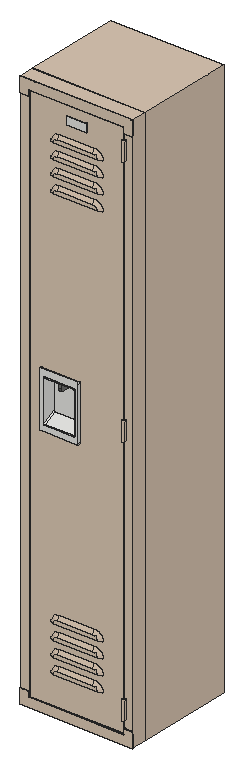
Revit family "Locker_SalsburyInd_Metal-1-Tier-Single", category Specialty Equipment, Revit 2024
Family settings
  Round Connector Dimension = Use Diameter
  Part Type = Normal
  OmniClass Number = 23.40.00.00
  OmniClass Title = Equipment and Furnishings
  Work Plane-Based = No
  Enable Cutting in Views = No
  Always vertical = Yes
  Cut with Voids When Loaded = No
  Maintain Annotation Orientation = No
  Shared = No
  Room Calculation Point = No
Parameters
  Warranty Duration (Years) = 0
  Vertical Front Filler Width_Right [instance] = 15.000"
  Vertical Front Filler Width_Left [instance] = 15.000"
  Vertical Filler_Right [instance] = ML_Front Filler : None
  Vertical Filler_Left [instance] = ML_Front Filler : None
  Unit Width = 12.000"
  Unit Height = 60.000"
  Unit Depth = 12.000"
  URL = "www.lockers.com"
  Type Comments = "Specify Assembled or Disassembled"
  Specification = ""
  SpecWizard = ""
  Sales Information = "http://www.lockers.com/service/contact/"
  Revision = "R1_2017-09"
  Product Properties = "http://www.lockers.com/shop-by-department/metal-lockers/standard-12-w/"
  Product Data = "http://www.arcat.com/arcatcos/cos35/arc35330.html"
  Overall Height [instance] = Unit Height + Base Height + Sloping Hood Height  # 60.000"
  Manufacturer Website = "http://www.lockers.com/"
  Manufacturer Phone - Toll Free = "800-562-5377"
  Manufacturer Phone = "323-846-6700"
  Manufacturer Fax = "323-846-6800"
  Manufacturer Address = "1010 E. 62nd St.  Los Angeles, CA 90001-1598"
  Maintenance Schedule (Months) = 0
  Lock Type [instance] = "[Built-in Combination][Padlock][Built-in Resettable Combination]"
  Keynote = "10 50 00"
  Installation Phase = ""
  Hasp Plate Material [instance] = Finish - Salsbury - Polished Steel
  Hasp Handle Material [instance] = Finish - Salsbury - Black
  Green Building-LEED = ""
  Expected Lifespan (Years) = 0
  End Panel_Right [instance] = ML_End Panel : None
  End Panel_Left [instance] = ML_End Panel : None
  Drawn By = "Sumex Design, Inc. / Robert S. Weygant, CSI, CDT, SCIP"
  Door Width = Unit Width - (1.063" * 2)  # 9.874"
  Door Height = Unit Height - (1.094" * 2)  # 57.812"
  Top Filler_Right [instance] = ML_Top Filler : None
  Top Filler_Left [instance] = ML_Top Filler : None
  Sloping Hood Height [instance] = if(not(Sloped Hood), 0.000", if(Unit Depth = 12.000", 6.625", if(Unit Depth = 15.000", 8.682", if(Unit Depth = 18.000", 10.739", 0.000"))))  # 0.000"
  Sloped Hood [instance] = no
  Model = "as Specified"
  Manufacturer = "Salsbury Industries"
  Fixture Finish [instance] = Finish - Salsbury - Tan
  Door A Label [instance] = "Number / Name as Specified"
  Description = "Salsbury Locker as Specified"
  Default Elevation = 0.000"
  Copyright = "©Arcat Inc."
  Construction Details = "http://www.arcat.com/details/salsbury/salsbury.html?coid=35330"
  Base_Right [instance] = ML_Base Side : None
  Base_Left [instance] = ML_Base Side : None
  Base Type = ML_Base Type : No Legs
  Base Height = 0.000"
  Base Front [instance] = ML_Front Base : None
  Assembly Code = "C1030310"
Reference planes (in)
  plane 1 "Center (Front/Back)": y = 0.005
  plane 2: z = 0
  plane 3 "Center (Left/Right)": x = 0
  plane 4 "Floor": z = 0
  plane 5 "Bottom of Unit": z = 0
  plane 6 "Top of Unit": z = 60
  plane 7 "Left Side of Unit": x = -6
  plane 8 "Right Side of Unit": x = 6
  plane 9 "Back of Unit": y = 6.005
  plane 10 "Front of Unit": y = -5.995
  plane 11 "Top of Sloping Hood": z = 60
  plane 12 "Right Side of Door Opening": x = 5
  plane 13 "Left Side of Door Opening": x = -5
  plane 14 "Top of Door Opening": z = 59
  plane 15 "Bottom of Door Opening": z = 1
  plane 16 "Back Edge of Front Facing": y = -4.407
  plane 17 "Front Plate Plane": y = -6.055
  plane 18 "Corner Filler Align-Left": x = -6.06
  plane 19 "Corner Filler Align-Right": x = 6.06
  plane 20 "Left Side of Door": x = -4.93029
  plane 21 "Right Side of Door": x = 4.93026
  plane 22 "Top of Door 1": z = 58.90976
  plane 23 "Bottom of Bottom Door": z = 1.09027
  plane 24: x = -5.075
  plane 25: x = 5.075
  plane 26: z = 58.40796
  plane 27: z = 1.59204
Forms (in)
  Sweep 1, solid, material "Finish - Salsbury - Tan" <- "Fixture Finish"
    path origin (0, -5.995, 0) x (1, 0, 0) y (0, 0, 1)
      loop
        line (-6, 60) -> (-6, 0) -> (6, 0) -> (6, 60) -> (-6, 60)
    profile origin (0, -5.995, 60) x (0, 0, 1) y (0, -1, 0)
      loop
        line (0, 0) -> (-1, 0) -> (-1, -1.588) -> (0, -1.588) -> (0, 0)
  Extrusion 2, solid, material "Finish - Salsbury - Tan" <- "Fixture Finish"
    sketch origin (0, -6.055, 0) x (0, 0, -1) y (1, 0, 0)
      loop
        line (-60, -6) -> (-58.47656, -6)
        arc (-58.47656, -6) -> (-58.42806, -5.97991) -> (-58.40796, -5.9314) r 0.0686
        line (-58.40796, -5.9314) -> (-58.40796, -5.14351)
        arc (-58.40796, -5.14351) -> (-58.42809, -5.09506) -> (-58.47656, -5.075) r 0.0686
        line (-58.47656, -5.075) -> (-59, -5.075) -> (-59, 5.075) -> (-58.47656, 5.075)
        arc (-58.47656, 5.075) -> (-58.42809, 5.09506) -> (-58.40796, 5.14351) r 0.0686
        line (-58.40796, 5.14351) -> (-58.40796, 5.9314)
        arc (-58.40796, 5.9314) -> (-58.42806, 5.97991) -> (-58.47656, 6) r 0.0686
        line (-58.47656, 6) -> (-60, 6) -> (-60, -6)
    from -0.06 to 0
  Extrusion 3, solid, material "Finish - Salsbury - Tan" <- "Fixture Finish"
    sketch origin (0, -6.055, 84) x (0, 0, 1) y (-1, 0, 0)
      loop
        line (-84, 6) -> (-84, -6) -> (-82.47656, -6)
        arc (-82.47656, -6) -> (-82.42806, -5.97991) -> (-82.40796, -5.9314) r 0.0686
        line (-82.40796, -5.9314) -> (-82.40796, -5.14351)
        arc (-82.40796, -5.14351) -> (-82.42809, -5.09506) -> (-82.47656, -5.075) r 0.0686
        line (-82.47656, -5.075) -> (-83, -5.075) -> (-83, 5.075) -> (-82.47656, 5.075)
        arc (-82.47656, 5.075) -> (-82.42809, 5.09506) -> (-82.40796, 5.14351) r 0.0686
        line (-82.40796, 5.14351) -> (-82.40796, 5.9314)
        arc (-82.40796, 5.9314) -> (-82.42806, 5.97991) -> (-82.47656, 6) r 0.0686
        line (-82.47656, 6) -> (-84, 6)
    from -0.06 to 0
  Extrusion 4, solid, material "Finish - Salsbury - Tan" <- "Fixture Finish"
    sketch origin (6, 0, 0) x (0, 0, -1) y (0, -1, 0)
      loop
        line (-59.94, 4.407) -> (-59.94, 6.055) -> (-60, 6.055) -> (-60, -6.005) -> (0, -6.005) -> (0, 4.407) -> (-59.94, 4.407)
    from 0 to 12
  Extrusion 5, void
    sketch origin (6, 0, 0) x (0, 0, -1) y (0, -1, 0)
      loop
        line (-60, 6.055) -> (-60, 4.407) -> (-59.94, 4.407) -> (-59.94, 6.055) -> (-60, 6.055)
    from 0 to 12
Cuts and joins
  Extrusion 5 cuts Extrusion 4
Dimensions and locks (in)
  equal spacing: plane 7 "Left Side of Unit", plane 3 "Center (Left/Right)", plane 8 "Right Side of Unit"
  "Unit Width": plane 7 "Left Side of Unit" to plane 8 "Right Side of Unit"
  "Base Height": plane 5 "Bottom of Unit" to plane 4 "Floor"
  "Unit Height": plane 6 "Top of Unit" to plane 5 "Bottom of Unit"
  equal spacing: plane 10 "Front of Unit", plane 1 "Center (Front/Back)", plane 9 "Back of Unit"
  "Unit Depth": plane 10 "Front of Unit" to plane 9 "Back of Unit"
  "Sloping Hood Height": plane 11 "Top of Sloping Hood" to plane 6 "Top of Unit"
  plane 6 "Top of Unit" to plane 14 "Top of Door Opening" to plane 22 "Top of Door 1" to plane 26 = 1.000" locked, 0.09024" locked, 0.5018" locked
  plane 27 to plane 23 "Bottom of Bottom Door" to plane 15 "Bottom of Door Opening" to plane 5 "Bottom of Unit" = 0.50177" locked, 0.09027" locked, 1.000" locked
  plane 7 "Left Side of Unit" to plane 13 "Left Side of Door Opening" to plane 20 "Left Side of Door" = 1.000" locked, 0.06971"
  plane 21 "Right Side of Door" to plane 12 "Right Side of Door Opening" to plane 8 "Right Side of Unit" = 0.06974", 1.000" locked
  plane 17 "Front Plate Plane" to plane 10 "Front of Unit" to plane 16 "Back Edge of Front Facing" = 0.060" locked, 1.588" locked
  locked: plane 8 "Right Side of Unit" to plane 19 "Corner Filler Align-Right" at 0.06
  locked: plane 18 "Corner Filler Align-Left" to plane 7 "Left Side of Unit" at 0.06
  plane 20 "Left Side of Door" to plane 21 "Right Side of Door" = 9.86055"
  locked: plane 7 "Left Side of Unit" to plane 24 at 0.925
  locked: plane 25 to plane 8 "Right Side of Unit" at 0.925
  locked: Extrusion 4 sketch curve to plane 6 "Top of Unit" at 0.06
  locked: Extrusion 5 sketch curve to plane 6 "Top of Unit" at 0.06
  aligned and locked: level to plane 2
  aligned and locked: Extrusion 2 to plane 10 "Front of Unit"
  aligned and locked: Extrusion 3 to plane 10 "Front of Unit"
  aligned and locked: plane 4 "Floor" to nested 1
  aligned and locked: plane 5 "Bottom of Unit" to Extrusion 3
  aligned and locked: plane 10 "Front of Unit" to nested 2
  aligned and locked: nested 5 to plane 10 "Front of Unit"
  aligned and locked: plane 10 "Front of Unit" to nested 6
  aligned and locked: plane 10 "Front of Unit" to nested 4
  aligned and locked: plane 23 "Bottom of Bottom Door" to nested 8
  aligned and locked: plane 10 "Front of Unit" to nested 8
  aligned and locked: plane 10 "Front of Unit" to nested 1
  aligned and locked: plane 6 "Top of Unit" to Sweep 1 sketch curve  (x2)
  aligned and locked: Sweep 1 sketch curve to plane 7 "Left Side of Unit"
  aligned and locked: plane 8 "Right Side of Unit" to Sweep 1 sketch curve
  aligned and locked: Sweep 1 sketch curve to plane 5 "Bottom of Unit"
  aligned and locked: plane 10 "Front of Unit" to Sweep 1
  aligned and locked: Extrusion 2 to plane 17 "Front Plate Plane"
  aligned and locked: plane 10 "Front of Unit" to Extrusion 2
  aligned and locked: Extrusion 2 to plane 8 "Right Side of Unit"
  aligned and locked: plane 7 "Left Side of Unit" to Extrusion 2
  aligned and locked: plane 7 "Left Side of Unit" to Extrusion 3
  aligned and locked: plane 17 "Front Plate Plane" to Extrusion 3
  aligned and locked: Extrusion 3 to plane 8 "Right Side of Unit"
  aligned and locked: plane 24 to Extrusion 3
  aligned and locked: plane 25 to Extrusion 3
  aligned and locked: plane 25 to Extrusion 2
  aligned and locked: Extrusion 2 to plane 24
  aligned and locked: plane 16 "Back Edge of Front Facing" to Sweep 1 sketch curve
  aligned and locked: Sweep 1 sketch curve to plane 14 "Top of Door Opening"
  aligned and locked: Sweep 1 sketch curve to plane 10 "Front of Unit"
  aligned and locked: plane 26 to Extrusion 2  (x2)
  aligned and locked: Extrusion 2 to plane 6 "Top of Unit"
  aligned and locked: plane 14 "Top of Door Opening" to Extrusion 2
  aligned and locked: Extrusion 3 to plane 15 "Bottom of Door Opening"
  aligned and locked: plane 27 to Extrusion 3
  aligned and locked: Extrusion 3 to plane 27
  aligned and locked: plane 8 "Right Side of Unit" to nested 6
  aligned and locked: nested 7 to plane 7 "Left Side of Unit"
  aligned and locked: plane 10 "Front of Unit" to nested 7
  aligned and locked: plane 11 "Top of Sloping Hood" to Extrusion 4 sketch curve
  aligned and locked: Extrusion 4 to plane 8 "Right Side of Unit"
  aligned and locked: plane 7 "Left Side of Unit" to Extrusion 4
  aligned and locked: plane 17 "Front Plate Plane" to Extrusion 4 sketch curve
  aligned and locked: Extrusion 5 sketch curve to plane 16 "Back Edge of Front Facing"
  aligned and locked: Extrusion 5 sketch curve to plane 6 "Top of Unit"
  aligned and locked: plane 17 "Front Plate Plane" to Extrusion 5 sketch curve
  aligned and locked: plane 7 "Left Side of Unit" to Extrusion 5
  aligned and locked: Extrusion 5 to plane 8 "Right Side of Unit"
  aligned and locked: plane 5 "Bottom of Unit" to nested 4
  aligned and locked: nested 5 to plane 5 "Bottom of Unit"
  aligned and locked: plane 1 "Center (Front/Back)" to nested 3
  aligned and locked: plane 8 "Right Side of Unit" to nested 3
  aligned and locked: plane 7 "Left Side of Unit" to nested 9
  aligned and locked: nested 9 to plane 1 "Center (Front/Back)"
  aligned and locked: plane 3 "Center (Left/Right)" to nested 2
  aligned and locked: plane 3 "Center (Left/Right)" to nested 1
  aligned and locked: plane 8 "Right Side of Unit" to nested 4
  aligned and locked: plane 7 "Left Side of Unit" to nested 5
  aligned and locked: plane 1 "Center (Front/Back)" to nested 10
  aligned and locked: nested 10 to plane 19 "Corner Filler Align-Right"
  aligned and locked: nested 11 to plane 1 "Center (Front/Back)"
  aligned and locked: plane 18 "Corner Filler Align-Left" to nested 11
  aligned and locked: plane 3 "Center (Left/Right)" to nested 8
  aligned and locked: plane 5 "Bottom of Unit" to Extrusion 4 sketch curve
  aligned and locked: plane 6 "Top of Unit" to Extrusion 4 sketch curve
Automatic sketch dimensions
  Extrusion 2 sketch curve to plane 6 "Top of Unit" = 0.000"
  plane 14 "Top of Door Opening" to Extrusion 2 sketch curve = 0.000"
  plane 7 "Left Side of Unit" to Extrusion 2 sketch curve = 0.000"
  Extrusion 2 sketch curve to plane 8 "Right Side of Unit" = 0.000"
  Extrusion 2 sketch curve to plane 7 "Left Side of Unit" = 0.0686"
  Extrusion 2 sketch curve to Extrusion 2 sketch curve = 0.0686"
  plane 13 "Left Side of Door Opening" to Extrusion 2 sketch curve = 0.1436"
  Extrusion 2 sketch curve to Extrusion 2 sketch curve = 0.00009"
  Extrusion 2 sketch curve to plane 12 "Right Side of Door Opening" = 0.075"
  Extrusion 2 sketch curve to Extrusion 2 sketch curve = 0.06851"
  Extrusion 3 sketch curve to plane 5 "Bottom of Unit" = 0.000"
  plane 15 "Bottom of Door Opening" to Extrusion 3 sketch curve = 0.000"
  Extrusion 3 sketch curve to plane 7 "Left Side of Unit" = 0.000"
  plane 8 "Right Side of Unit" to Extrusion 3 sketch curve = 0.000"
  Extrusion 3 sketch curve to Extrusion 3 sketch curve = 0.0686"  (x2)
  Extrusion 3 sketch curve to plane 13 "Left Side of Door Opening" = 0.1436"
  Extrusion 3 sketch curve to Extrusion 3 sketch curve = 0.00009"
  plane 12 "Right Side of Door Opening" to Extrusion 3 sketch curve = 0.075"
  Extrusion 3 sketch curve to Extrusion 3 sketch curve = 0.06851"
  plane 24 to Extrusion 2 sketch curve = 0.000"
  Extrusion 2 sketch curve to plane 26 = 0.000"  (x2)
  Extrusion 2 sketch curve to plane 26 = 0.0686"
  plane 24 to Extrusion 3 sketch curve = 0.000"
  Extrusion 3 sketch curve to plane 27 = 0.000"  (x2)
  Extrusion 3 sketch curve to plane 27 = 0.0686"
  Extrusion 4 sketch curve to plane 9 "Back of Unit" = 0.000"
  Extrusion 4 sketch curve to plane 16 "Back Edge of Front Facing" = 0.000"
Nested families (in)
  nested 1: "ML_Front Base" at (0, 0.01, 0), type <- "Base Front", Finish <- "Fixture Finish", Locker Width <- "Unit Width", type "None"
    with Width 10.000", Locker Width 12.000", Finish Finish - Salsbury - Tan
  nested 2: "ML_Base Type" at (0, 0.005, 0), type <- "Base Type", Finish <- "Fixture Finish", Depth <- "Unit Depth", Width <- "Unit Width", type "No Legs"
    with Width 12.000", Finish Finish - Salsbury - Tan, Depth 12.000"
  nested 3: "ML_Base Side" at (0.01, 0.005, 0), type <- "Base_Right", Locker Depth <- "Unit Depth", Finish <- "Fixture Finish", type "None"
    with Locker Depth 12.000", Finish Finish - Salsbury - Tan
  nested 4: "ML_End Panel" at (10.1325, 2.172, 0), type <- "End Panel_Right", Height <- "Unit Height", Depth <- "Unit Depth", Finish <- "Fixture Finish", type "None"
    with controldepth 12.000", Height 60.000", Finish Finish - Salsbury - Tan, Depth 12.000", Base Height 0.000"
  nested 5: "ML_End Panel" at (-10.1325, 2.172, 0) x (-1, 0, 0) z (0, 0, 1), type <- "End Panel_Left", Height <- "Unit Height", Depth <- "Unit Depth", Finish <- "Fixture Finish", type "None"
    with controldepth 12.000", Height 60.000", Finish Finish - Salsbury - Tan, Depth 12.000", Base Height 0.000"
  nested 6: "ML_Front Filler" at (18.095, -3.078, 0), type <- "Vertical Filler_Right", Base Height <- "Base Height", Height <- "Unit Height", Width <- "Vertical Front Filler Width_Right", Finish <- "Fixture Finish", type "None"
    with Width 15.000", Height 60.000", Finish Finish - Salsbury - Tan, Base Height 0.000"
  nested 7: "ML_Front Filler" at (-8.905, -3.078, 0), type <- "Vertical Filler_Left", Base Height <- "Base Height", Height <- "Unit Height", Width <- "Vertical Front Filler Width_Left", Finish <- "Fixture Finish", type "None"
    with Width 15.000", Height 60.000", Finish Finish - Salsbury - Tan, Base Height 0.000"
  nested 8: "Metal Locker Doors_SingleTier" at (0, -5.545, 1.09027), Hasp Handle Material <- "Hasp Handle Material", Hasp Plate Rivet Material <- "Hasp Plate Material", Primary Structure Material <- "Fixture Finish", Width <- "Door Width", type "as Specified"
    with Width 9.874", Primary Structure Material Finish - Salsbury - Tan, Louver Width 5.55412", Hasp Plate Rivet Material Finish - Salsbury - Polished Steel, Hasp Handle Material Finish - Salsbury - Black
  nested 9: "ML_Base Side" at (-0.01, 0.005, 0) x (-1, 0, 0) z (0, 0, 1), type <- "Base_Left", Locker Depth <- "Unit Depth", Finish <- "Fixture Finish", type "None"
    with Locker Depth 12.000", Finish Finish - Salsbury - Tan
  nested 10: "ML_Top Filler" at (10.655, 2.172, 60), Finish <- "Fixture Finish", type <- "Top Filler_Right", Width <- "Vertical Front Filler Width_Right", Depth <- "Unit Depth", type "None"
    with Width 15.000", Sloped Height 6.625", Finish Finish - Salsbury - Tan, Depth 12.000", Corner Width 12.625"
  nested 11: "ML_Top Filler" at (-10.655, 2.172, 60) x (-1, 0, 0) z (0, 0, 1), Finish <- "Fixture Finish", type <- "Top Filler_Left", Width <- "Vertical Front Filler Width_Left", Depth <- "Unit Depth", type "None"
    with Width 15.000", Sloped Height 6.625", Finish Finish - Salsbury - Tan, Depth 12.000", Corner Width 12.625"
Definition of nested family "Metal Locker Doors_SingleTier"
  Parameters (values of type "as Specified")
    Width [instance] = 9.938"
    Visible Top Louvers 3 and 4 = yes
    Visible Top Louver 2 = yes
    Visible Hinge 3 = yes
    Visible Bottom Louvers 1 and 2 = yes
    Visible Bottom Louver 3 = yes
    Top Louver Set Vertical Alignment = 3.063"
    Primary Structure Material [instance] = none
    Number Plate Alignment = 0.9375"
    Louver Width [instance] = Width * 9 / 16  # 5.59013"
    Hinge 3 Placement = 54.500"
    Hinge 2 Placement = 27.875"
    Hinge 1 Placement = 1.125"
    Height = 57.812"
    Hasp Plate Rivet Material [instance] = none
    Hasp Height = 5.960"
    Hasp Handle Material [instance] = none
    Depth = 0.900"
    Default Elevation = 48.000"
    Bottom Louver Set Vertical Alignment = 3.063"
  Reference planes (in)
    plane 1 "Center (Front/Back)": y = 0
    plane 2 "Bottom of Door": z = 0
    plane 3 "Center (Left/Right)": x = 0
    plane 4 "Center (Top/Bottom)": z = 28.906
    plane 5 "Top of Door": z = 57.812
    plane 6 "Right Side of Door": x = 4.969
    plane 7 "Left Side of Door": x = -4.969
    plane 8 "Front of Door": y = -0.45
    plane 9 "Back of Door": y = 0.45
    plane 10 "Top of Number Plate": z = 56.8745
    plane 11 "Top of Top Vent 1": z = 54.749
    plane 12 "Top of Top Vent 2": z = 53.124
    plane 13 "Top of Top Vent 3": z = 51.499
    plane 14 "Top of Top Vent 4": z = 49.874
    plane 15 "Bottom of Bottom Vent 1": z = 7.938
    plane 16 "Bottom of Bottom Vent 2": z = 6.313
    plane 17 "Bottom of Bottom Vent 3": z = 4.688
    plane 18 "Bottom of Bottom Vent 4": z = 3.063
    plane 19 "Top of Hasp Alignment": z = 31.886
    plane 20 "Left Side of Hasp Alignment": x = -3.844
    plane 21 "Bottom of Hasp Alignment": z = 25.926
    plane 22 "Right Side of Hasp Alignment": x = 0.256
    plane 23 "Left Side of Louvers": x = -2.79506
    plane 24 "Right Side of Louvers": x = 2.79506
    plane 25 "Front of Louvers": y = -0.6375
    plane 26: x = -1.094
    plane 27: x = 1.094
    plane 28: z = 55.8745
    plane 29 "Center Hasp": x = -1.794
    plane 30 "Top of Hinge 3": z = 3.312
    plane 31 "Top of Hinge 2": z = 29.937
    plane 32 "Top of Hinge 1": z = 56.687
  Forms (in)
    Extrusion 1, solid, material <- "Primary Structure Material"
      sketch origin (0, 0, 0) x (1, 0, 0) y (0, 0, 1)
        loop
          line (-4.969, 57.812) -> (-4.969, 0) -> (4.969, 0) -> (4.969, 57.812) -> (-4.969, 57.812)
      from -0.45 to 0.45
    Blend 2, solid, material <- "Primary Structure Material"
      base sketch origin (0, -0.45, 0) x (1, 0, 0) y (0, 0, 1)
        loop
          line (-2.79506, 53.84744) -> (2.79506, 53.84744)
          arc (2.79506, 53.84744) -> (2.531, 54.48494) -> (1.8935, 54.749) r 0.90156
          line (1.8935, 54.749) -> (-1.8935, 54.749)
          arc (-1.8935, 54.749) -> (-2.531, 54.48494) -> (-2.79506, 53.84744) r 0.90156
      top sketch origin (0, -0.6375, 0) x (1, 0, 0) y (0, 0, 1)
        loop
          line (-2.36248, 53.84744) -> (2.36248, 53.84744)
          arc (2.36248, 53.84744) -> (2.22656, 54.17558) -> (1.89842, 54.3115) r 0.46406
          line (1.89842, 54.3115) -> (-1.89842, 54.3115)
          arc (-1.89842, 54.3115) -> (-2.22656, 54.17558) -> (-2.36248, 53.84744) r 0.46406
      from 0 to 0
    Blend 3, solid, material <- "Primary Structure Material", visible <- "Visible Top Louver 2"
      base sketch origin (0, -0.45, -1.625) x (1, 0, 0) y (0, 0, 1)
        loop
          line (-2.79506, 53.84744) -> (2.79506, 53.84744)
          arc (2.79506, 53.84744) -> (2.531, 54.48494) -> (1.8935, 54.749) r 0.90156
          line (1.8935, 54.749) -> (-1.8935, 54.749)
          arc (-1.8935, 54.749) -> (-2.531, 54.48494) -> (-2.79506, 53.84744) r 0.90156
      top sketch origin (0, -0.6375, -1.625) x (1, 0, 0) y (0, 0, 1)
        loop
          line (-2.36248, 53.84744) -> (2.36248, 53.84744)
          arc (2.36248, 53.84744) -> (2.22656, 54.17558) -> (1.89842, 54.3115) r 0.46406
          line (1.89842, 54.3115) -> (-1.89842, 54.3115)
          arc (-1.89842, 54.3115) -> (-2.22656, 54.17558) -> (-2.36248, 53.84744) r 0.46406
      from 0 to 0
    Blend 4, solid, material <- "Primary Structure Material", visible <- "Visible Top Louvers 3 and 4"
      base sketch origin (0, -0.45, -3.25) x (1, 0, 0) y (0, 0, 1)
        loop
          line (-2.79506, 53.84744) -> (2.79506, 53.84744)
          arc (2.79506, 53.84744) -> (2.531, 54.48494) -> (1.8935, 54.749) r 0.90156
          line (1.8935, 54.749) -> (-1.8935, 54.749)
          arc (-1.8935, 54.749) -> (-2.531, 54.48494) -> (-2.79506, 53.84744) r 0.90156
      top sketch origin (0, -0.6375, -3.25) x (1, 0, 0) y (0, 0, 1)
        loop
          line (-2.36248, 53.84744) -> (2.36248, 53.84744)
          arc (2.36248, 53.84744) -> (2.22656, 54.17558) -> (1.89842, 54.3115) r 0.46406
          line (1.89842, 54.3115) -> (-1.89842, 54.3115)
          arc (-1.89842, 54.3115) -> (-2.22656, 54.17558) -> (-2.36248, 53.84744) r 0.46406
      from 0 to 0
    Blend 5, solid, material <- "Primary Structure Material", visible <- "Visible Top Louvers 3 and 4"
      base sketch origin (0, -0.45, -4.875) x (1, 0, 0) y (0, 0, 1)
        loop
          line (-2.79506, 53.84744) -> (2.79506, 53.84744)
          arc (2.79506, 53.84744) -> (2.531, 54.48494) -> (1.8935, 54.749) r 0.90156
          line (1.8935, 54.749) -> (-1.8935, 54.749)
          arc (-1.8935, 54.749) -> (-2.531, 54.48494) -> (-2.79506, 53.84744) r 0.90156
      top sketch origin (0, -0.6375, -4.875) x (1, 0, 0) y (0, 0, 1)
        loop
          line (-2.36248, 53.84744) -> (2.36248, 53.84744)
          arc (2.36248, 53.84744) -> (2.22656, 54.17558) -> (1.89842, 54.3115) r 0.46406
          line (1.89842, 54.3115) -> (-1.89842, 54.3115)
          arc (-1.89842, 54.3115) -> (-2.22656, 54.17558) -> (-2.36248, 53.84744) r 0.46406
      from 0 to 0
    Blend 6, solid, material <- "Primary Structure Material", visible <- "Visible Bottom Louvers 1 and 2"
      base sketch origin (0, -0.45, -57.818) x (1, 0, 0) y (0, 0, 1)
        loop
          line (-2.79506, 65.756) -> (2.79506, 65.756)
          arc (2.79506, 65.756) -> (2.531, 66.3935) -> (1.8935, 66.65756) r 0.90156
          line (1.8935, 66.65756) -> (-1.8935, 66.65756)
          arc (-1.8935, 66.65756) -> (-2.531, 66.3935) -> (-2.79506, 65.756) r 0.90156
      top sketch origin (0, -0.6375, -57.818) x (1, 0, 0) y (0, 0, 1)
        loop
          line (-2.36248, 65.756) -> (2.36248, 65.756)
          arc (2.36248, 65.756) -> (2.22656, 66.08414) -> (1.89842, 66.22006) r 0.46406
          line (1.89842, 66.22006) -> (-1.89842, 66.22006)
          arc (-1.89842, 66.22006) -> (-2.22656, 66.08414) -> (-2.36248, 65.756) r 0.46406
      from 0 to 0
    Blend 7, solid, material <- "Primary Structure Material", visible <- "Visible Bottom Louvers 1 and 2"
      base sketch origin (0, -0.45, -59.443) x (1, 0, 0) y (0, 0, 1)
        loop
          line (-2.79506, 65.756) -> (2.79506, 65.756)
          arc (2.79506, 65.756) -> (2.531, 66.3935) -> (1.8935, 66.65756) r 0.90156
          line (1.8935, 66.65756) -> (-1.8935, 66.65756)
          arc (-1.8935, 66.65756) -> (-2.531, 66.3935) -> (-2.79506, 65.756) r 0.90156
      top sketch origin (0, -0.6375, -59.443) x (1, 0, 0) y (0, 0, 1)
        loop
          line (-2.36248, 65.756) -> (2.36248, 65.756)
          arc (2.36248, 65.756) -> (2.22656, 66.08414) -> (1.89842, 66.22006) r 0.46406
          line (1.89842, 66.22006) -> (-1.89842, 66.22006)
          arc (-1.89842, 66.22006) -> (-2.22656, 66.08414) -> (-2.36248, 65.756) r 0.46406
      from 0 to 0
    Blend 8, solid, material <- "Primary Structure Material", visible <- "Visible Bottom Louver 3"
      base sketch origin (0, -0.45, -61.068) x (1, 0, 0) y (0, 0, 1)
        loop
          line (-2.79506, 65.756) -> (2.79506, 65.756)
          arc (2.79506, 65.756) -> (2.531, 66.3935) -> (1.8935, 66.65756) r 0.90156
          line (1.8935, 66.65756) -> (-1.8935, 66.65756)
          arc (-1.8935, 66.65756) -> (-2.531, 66.3935) -> (-2.79506, 65.756) r 0.90156
      top sketch origin (0, -0.6375, -61.068) x (1, 0, 0) y (0, 0, 1)
        loop
          line (-2.36248, 65.756) -> (2.36248, 65.756)
          arc (2.36248, 65.756) -> (2.22656, 66.08414) -> (1.89842, 66.22006) r 0.46406
          line (1.89842, 66.22006) -> (-1.89842, 66.22006)
          arc (-1.89842, 66.22006) -> (-2.22656, 66.08414) -> (-2.36248, 65.756) r 0.46406
      from 0 to 0
    Blend 9, solid, material <- "Primary Structure Material"
      base sketch origin (0, -0.45, -62.693) x (1, 0, 0) y (0, 0, 1)
        loop
          line (-2.79506, 65.756) -> (2.79506, 65.756)
          arc (2.79506, 65.756) -> (2.531, 66.3935) -> (1.8935, 66.65756) r 0.90156
          line (1.8935, 66.65756) -> (-1.8935, 66.65756)
          arc (-1.8935, 66.65756) -> (-2.531, 66.3935) -> (-2.79506, 65.756) r 0.90156
      top sketch origin (0, -0.6375, -62.693) x (1, 0, 0) y (0, 0, 1)
        loop
          line (-2.36248, 65.756) -> (2.36248, 65.756)
          arc (2.36248, 65.756) -> (2.22656, 66.08414) -> (1.89842, 66.22006) r 0.46406
          line (1.89842, 66.22006) -> (-1.89842, 66.22006)
          arc (-1.89842, 66.22006) -> (-2.22656, 66.08414) -> (-2.36248, 65.756) r 0.46406
      from 0 to 0
    Extrusion 10, solid, material <- "Hasp Plate Rivet Material"
      sketch origin (0, -0.45, 0) x (1, 0, 0) y (0, 0, 1)
        loop
          arc (-1.06847, 56.83895) -> (-1.09512, 56.37621) -> (-1.06847, 55.91347) r 4.03112
          arc (-1.06847, 55.91347) -> (0, 55.87472) -> (1.06847, 55.91347) r 14.75
          arc (1.06847, 55.91347) -> (1.09512, 56.37621) -> (1.06847, 56.83895) r 4.03112
          arc (1.06847, 56.83895) -> (0, 56.87767) -> (-1.06847, 56.83895) r 14.7612
      from 0 to 0.03497
    Extrusion 11, solid, material <- "Hasp Plate Rivet Material"
      sketch origin (0, -0.45, 0) x (1, 0, 0) y (0, 0, 1)
        loop
          arc (-3.74618, 31.886) -> (-3.81535, 31.85735) -> (-3.844, 31.78818) r 0.09782
          line (-3.844, 31.78818) -> (-3.844, 26.02301)
          arc (-3.844, 26.02301) -> (-3.81559, 25.95441) -> (-3.74699, 25.926) r 0.09701
          line (-3.74699, 25.926) -> (0.1498, 25.926)
          arc (0.1498, 25.926) -> (0.2249, 25.9571) -> (0.256, 26.0322) r 0.1062
          line (0.256, 26.0322) -> (0.256, 31.78146)
          arc (0.256, 31.78146) -> (0.22538, 31.85538) -> (0.15146, 31.886) r 0.10454
          line (0.15146, 31.886) -> (-3.74618, 31.886)
      from 0 to 0.1875
    Extrusion 12, void
      sketch origin (0, 0.45, 0) x (1, 0, 0) y (0, 0, 1)
        loop
          line (-0.23842, 31.136) -> (-3.33108, 31.136)
          arc (-3.33108, 31.136) -> (-3.4286, 31.0956) -> (-3.469, 30.99808) r 0.13792
          line (-3.469, 30.99808) -> (-3.469, 26.68892)
          arc (-3.469, 26.68892) -> (-3.4286, 26.5914) -> (-3.33108, 26.551) r 0.13792
          line (-3.33108, 26.551) -> (-0.23842, 26.551)
          arc (-0.23842, 26.551) -> (-0.15398, 26.58598) -> (-0.119, 26.67042) r 0.11942
          line (-0.119, 26.67042) -> (-0.119, 31.01658)
          arc (-0.119, 31.01658) -> (-0.15398, 31.10102) -> (-0.23842, 31.136) r 0.11942
      from 0 to 1.0875
    Blend 13, solid, material <- "Hasp Plate Rivet Material"
      base sketch origin (5.54622, -0.6375, 48) x (1, 0, 0) y (0, 0, 1)
        loop
          line (-5.80314, -16.864) -> (-8.8773, -16.864)
          arc (-8.8773, -16.864) -> (-8.97483, -16.9044) -> (-9.01522, -17.00192) r 0.13792
          line (-9.01522, -17.00192) -> (-9.01522, -20.62358)
          arc (-9.01522, -20.62358) -> (-8.97483, -20.7211) -> (-8.8773, -20.7615) r 0.13792
          line (-8.8773, -20.7615) -> (-5.80314, -20.7615)
          arc (-5.80314, -20.7615) -> (-5.70562, -20.7211) -> (-5.66522, -20.62358) r 0.13792
          line (-5.66522, -20.62358) -> (-5.66522, -17.00192)
          arc (-5.66522, -17.00192) -> (-5.70562, -16.9044) -> (-5.80314, -16.864) r 0.13792
      top sketch origin (5.54622, -0.6375, 48) x (1, 0, 0) y (0, 0, 1)
        loop
          line (-5.80314, -16.864) -> (-8.8773, -16.864)
          arc (-8.8773, -16.864) -> (-8.97483, -16.9044) -> (-9.01522, -17.00192) r 0.13792
          line (-9.01522, -17.00192) -> (-9.01522, -21.31108)
          arc (-9.01522, -21.31108) -> (-8.97483, -21.4086) -> (-8.8773, -21.449) r 0.13792
          line (-8.8773, -21.449) -> (-5.80314, -21.449)
          arc (-5.80314, -21.449) -> (-5.70562, -21.4086) -> (-5.66522, -21.31108) r 0.13792
          line (-5.66522, -21.31108) -> (-5.66522, -17.00192)
          arc (-5.66522, -17.00192) -> (-5.70562, -16.9044) -> (-5.80314, -16.864) r 0.13792
      from -1.38343 to 0
    Blend 14, void
      base sketch origin (5.54622, -0.6375, 48) x (-1, 0, 0) y (0, 0, 1)
        loop
          arc (5.86564, -16.9265) -> (5.76812, -16.9669) -> (5.72772, -17.06442) r 0.13792
          line (5.72772, -17.06442) -> (5.72772, -20.56108)
          arc (5.72772, -20.56108) -> (5.76812, -20.6586) -> (5.86564, -20.699) r 0.13792
          line (5.86564, -20.699) -> (8.8148, -20.699)
          arc (8.8148, -20.699) -> (8.91233, -20.6586) -> (8.95272, -20.56108) r 0.13792
          line (8.95272, -20.56108) -> (8.95272, -17.06442)
          arc (8.95272, -17.06442) -> (8.91233, -16.9669) -> (8.8148, -16.9265) r 0.13792
          line (8.8148, -16.9265) -> (5.86564, -16.9265)
      top sketch origin (5.54622, -0.6375, 48) x (1, 0, 0) y (0, 0, 1)
        loop
          line (-5.81877, -16.90306) -> (-8.86168, -16.90306)
          arc (-8.86168, -16.90306) -> (-8.9592, -16.94346) -> (-8.9996, -17.04098) r 0.13792
          line (-8.9996, -17.04098) -> (-8.9996, -21.29545)
          arc (-8.9996, -21.29545) -> (-8.9592, -21.39298) -> (-8.86168, -21.43338) r 0.13792
          line (-8.86168, -21.43338) -> (-5.81877, -21.43338)
          arc (-5.81877, -21.43338) -> (-5.72124, -21.39298) -> (-5.68085, -21.29545) r 0.13792
          line (-5.68085, -21.29545) -> (-5.68085, -17.04098)
          arc (-5.68085, -17.04098) -> (-5.72124, -16.94346) -> (-5.81877, -16.90306) r 0.13792
      from 1.32053 to 0
    Extrusion 15, solid, material <- "Hasp Handle Material"
      sketch origin (-1.794, 0, 0.00013) x (0, 0, -1) y (0, -1, 0)
        loop
          line (-31.12024, 0.45) -> (-31.12024, -0.51) -> (-30.43837, -0.51)
          arc (-30.43837, -0.51) -> (-30.31137, -0.45412) -> (-30.26677, -0.32274) r 0.17225
          arc (-30.26677, -0.32274) -> (-30.31602, -0.03) -> (-30.26677, 0.26274) r 0.89468
          arc (-30.26677, 0.26274) -> (-30.31137, 0.39412) -> (-30.43837, 0.45) r 0.17225
          line (-30.43837, 0.45) -> (-31.12024, 0.45)
      from -0.163 to 0.163
    Extrusion 16, void
      sketch origin (-1.794, -0.13281, 0.04687) x (0, 0, -1) y (0, -1, 0)
        loop
          circle (-30.73977, -0.16411) r 0.2
      from -0.163 to 0.163
    Extrusion 17, solid, material <- "Primary Structure Material", detail levels medium+fine
      sketch origin (0, 0, 56.687) x (0, -1, 0) y (1, 0, 0)
        loop
          line (0.45, 4.969) -> (0.575, 4.969)
          arc (0.575, 4.969) -> (0.7, 5.094) -> (0.575, 5.219) r 0.125
          line (0.575, 5.219) -> (0.45, 5.219) -> (0.45, 4.969)
      from 0 to -2
    Extrusion 18, solid, material <- "Primary Structure Material", detail levels medium+fine
      sketch origin (0, 0, 29.937) x (0, -1, 0) y (1, 0, 0)
        loop
          line (0.45, 4.969) -> (0.575, 4.969)
          arc (0.575, 4.969) -> (0.7, 5.094) -> (0.575, 5.219) r 0.125
          line (0.575, 5.219) -> (0.45, 5.219) -> (0.45, 4.969)
      from 0 to -2
    Extrusion 19, solid, material <- "Primary Structure Material", visible <- "Visible Hinge 3", detail levels medium+fine
      sketch origin (0, 0, 3.312) x (0, -1, 0) y (1, 0, 0)
        loop
          line (0.45, 4.969) -> (0.575, 4.969)
          arc (0.575, 4.969) -> (0.7, 5.094) -> (0.575, 5.219) r 0.125
          line (0.575, 5.219) -> (0.45, 5.219) -> (0.45, 4.969)
      from 0 to -2
  Cuts and joins
    Extrusion 12, Extrusion 16 cuts Extrusion 1
    Extrusion 12 cuts Extrusion 11
    Extrusion 16 cuts Extrusion 15
    Blend 14 cuts Blend 13
  Dimensions and locks (in)
    equal spacing: plane 5 "Top of Door", plane 4 "Center (Top/Bottom)", plane 2 "Bottom of Door"
    "Height": plane 5 "Top of Door" to plane 2 "Bottom of Door"
    equal spacing: plane 8 "Front of Door", plane 1 "Center (Front/Back)", plane 9 "Back of Door"
    "Depth": plane 8 "Front of Door" to plane 9 "Back of Door"
    equal spacing: plane 7 "Left Side of Door", plane 3 "Center (Left/Right)", plane 6 "Right Side of Door"
    "Width": plane 7 "Left Side of Door" to plane 6 "Right Side of Door"
    "Number Plate Alignment": plane 5 "Top of Door" to plane 10 "Top of Number Plate" to plane 28
    equal spacing: plane 23 "Left Side of Louvers", plane 3 "Center (Left/Right)", plane 24 "Right Side of Louvers"
    "Louver Width": plane 23 "Left Side of Louvers" to plane 24 "Right Side of Louvers"
    "Top Louver Set Vertical Alignment": plane 5 "Top of Door" to plane 11 "Top of Top Vent 1"
    plane 11 "Top of Top Vent 1" to plane 12 "Top of Top Vent 2" to plane 13 "Top of Top Vent 3" to plane 14 "Top of Top Vent 4" = 1.625", 1.625", 1.625"
    "Bottom Louver Set Vertical Alignment": plane 18 "Bottom of Bottom Vent 4" to plane 2 "Bottom of Door"
    plane 15 "Bottom of Bottom Vent 1" to plane 16 "Bottom of Bottom Vent 2" to plane 17 "Bottom of Bottom Vent 3" to plane 18 "Bottom of Bottom Vent 4" = 1.625", 1.625", 1.625"
    equal spacing: plane 19 "Top of Hasp Alignment", plane 4 "Center (Top/Bottom)", plane 21 "Bottom of Hasp Alignment"
    "Hasp Height": plane 19 "Top of Hasp Alignment" to plane 21 "Bottom of Hasp Alignment"
    plane 7 "Left Side of Door" to plane 20 "Left Side of Hasp Alignment" to plane 22 "Right Side of Hasp Alignment" = 1.125" locked, 4.100"
    locked: plane 25 "Front of Louvers" to plane 8 "Front of Door" at 0.1875
    plane 26 to plane 3 "Center (Left/Right)" to plane 27 = 1.094" locked, 1.094" locked
    plane 20 "Left Side of Hasp Alignment" to plane 29 "Center Hasp" to plane 22 "Right Side of Hasp Alignment" = 2.050", 2.050"
    "Hinge 1 Placement": plane 5 "Top of Door" to plane 32 "Top of Hinge 1"
    locked: plane 20 "Left Side of Hasp Alignment" to Blend 14 sketch curve at 0.4375
    locked: Blend 14 sketch curve to plane 22 "Right Side of Hasp Alignment" at 0.4375
    locked: plane 20 "Left Side of Hasp Alignment" to Blend 14 sketch curve at 0.39062
    locked: Blend 14 sketch curve to plane 22 "Right Side of Hasp Alignment" at 0.39063
    locked: plane 20 "Left Side of Hasp Alignment" to Blend 13 sketch curve at 0.375  (x2)
    locked: Blend 13 sketch curve to plane 22 "Right Side of Hasp Alignment" at 0.375  (x2)
    locked: plane 20 "Left Side of Hasp Alignment" to Extrusion 12 sketch curve at 0.375
    locked: Extrusion 12 sketch curve to plane 22 "Right Side of Hasp Alignment" at 0.375
    locked: plane 19 "Top of Hasp Alignment" to Blend 14 sketch curve at 0.8125
    locked: plane 19 "Top of Hasp Alignment" to Blend 14 sketch curve at 0.78906
    locked: plane 19 "Top of Hasp Alignment" to Extrusion 12 sketch curve at 0.75
    locked: plane 30 "Top of Hinge 3" to level at 3.312
    locked: plane 31 "Top of Hinge 2" to plane 4 "Center (Top/Bottom)" at 1.031
    locked: Blend 2 sketch curve to plane 24 "Right Side of Louvers" at 0.90156
    locked: plane 23 "Left Side of Louvers" to Blend 2 sketch curve at 0.90156
    locked: plane 23 "Left Side of Louvers" to Blend 2 sketch curve at 0.89665
    locked: Blend 2 sketch curve to plane 24 "Right Side of Louvers" at 0.89665
    locked: Blend 3 sketch curve to plane 24 "Right Side of Louvers" at 0.90156
    locked: plane 23 "Left Side of Louvers" to Blend 3 sketch curve at 0.90156
    locked: plane 23 "Left Side of Louvers" to Blend 3 sketch curve at 0.89665
    locked: Blend 3 sketch curve to plane 24 "Right Side of Louvers" at 0.89665
    locked: plane 23 "Left Side of Louvers" to Blend 4 sketch curve at 0.90156
    locked: Blend 4 sketch curve to plane 24 "Right Side of Louvers" at 0.90156
    locked: plane 23 "Left Side of Louvers" to Blend 4 sketch curve at 0.89665
    locked: Blend 4 sketch curve to plane 24 "Right Side of Louvers" at 0.89665
    locked: plane 23 "Left Side of Louvers" to Blend 5 sketch curve at 0.90156
    locked: Blend 5 sketch curve to plane 24 "Right Side of Louvers" at 0.90156
    locked: plane 23 "Left Side of Louvers" to Blend 5 sketch curve at 0.89665
    locked: Blend 5 sketch curve to plane 24 "Right Side of Louvers" at 0.89665
    locked: plane 23 "Left Side of Louvers" to Blend 6 sketch curve at 0.90156
    locked: Blend 6 sketch curve to plane 24 "Right Side of Louvers" at 0.90156
    locked: plane 23 "Left Side of Louvers" to Blend 6 sketch curve at 0.89665
    locked: Blend 6 sketch curve to plane 24 "Right Side of Louvers" at 0.89665
    locked: plane 23 "Left Side of Louvers" to Blend 7 sketch curve at 0.90156
    locked: Blend 7 sketch curve to plane 24 "Right Side of Louvers" at 0.90156
    locked: plane 23 "Left Side of Louvers" to Blend 7 sketch curve at 0.89665
    locked: Blend 7 sketch curve to plane 24 "Right Side of Louvers" at 0.89665
    locked: plane 23 "Left Side of Louvers" to Blend 8 sketch curve at 0.90156
    locked: Blend 8 sketch curve to plane 24 "Right Side of Louvers" at 0.90156
    locked: plane 23 "Left Side of Louvers" to Blend 8 sketch curve at 0.89665
    locked: Blend 8 sketch curve to plane 24 "Right Side of Louvers" at 0.89665
    locked: plane 23 "Left Side of Louvers" to Blend 9 sketch curve at 0.89665
    locked: Blend 9 sketch curve to plane 24 "Right Side of Louvers" at 0.89665
    locked: plane 23 "Left Side of Louvers" to Blend 9 sketch curve at 0.90156
    locked: Blend 9 sketch curve to plane 24 "Right Side of Louvers" at 0.90156
    aligned and locked: level to plane 2 "Bottom of Door"
    aligned and locked: plane 5 "Top of Door" to Extrusion 1 sketch curve
    aligned and locked: Extrusion 1 sketch curve to plane 7 "Left Side of Door"
    aligned and locked: plane 2 "Bottom of Door" to Extrusion 1 sketch curve
    aligned and locked: plane 6 "Right Side of Door" to Extrusion 1 sketch curve
    aligned and locked: plane 25 "Front of Louvers" to Blend 2
    aligned and locked: plane 11 "Top of Top Vent 1" to Blend 2
    aligned and locked: plane 12 "Top of Top Vent 2" to Blend 3
    aligned and locked: plane 13 "Top of Top Vent 3" to Blend 4
    aligned and locked: plane 14 "Top of Top Vent 4" to Blend 5
    aligned and locked: plane 15 "Bottom of Bottom Vent 1" to Blend 6
    aligned and locked: plane 16 "Bottom of Bottom Vent 2" to Blend 7
    aligned and locked: plane 17 "Bottom of Bottom Vent 3" to Blend 8
    aligned and locked: plane 18 "Bottom of Bottom Vent 4" to Blend 9
    aligned and locked: plane 19 "Top of Hasp Alignment" to Extrusion 11 sketch curve
    aligned and locked: plane 21 "Bottom of Hasp Alignment" to Extrusion 11 sketch curve
    aligned and locked: plane 22 "Right Side of Hasp Alignment" to Extrusion 11 sketch curve
    aligned and locked: plane 20 "Left Side of Hasp Alignment" to Extrusion 11 sketch curve
    aligned and locked: plane 25 "Front of Louvers" to Extrusion 11
    aligned and locked: plane 25 "Front of Louvers" to Extrusion 12
    aligned and locked: plane 25 "Front of Louvers" to Blend 13
    aligned and locked: plane 25 "Front of Louvers" to Blend 14
  Automatic sketch dimensions
    plane 23 "Left Side of Louvers" to Blend 2 sketch curve = 0.000"
    Blend 2 sketch curve to plane 11 "Top of Top Vent 1" = 0.000"
    plane 23 "Left Side of Louvers" to Blend 3 sketch curve = 0.000"
    Blend 3 sketch curve to plane 12 "Top of Top Vent 2" = 0.000"
    plane 23 "Left Side of Louvers" to Blend 4 sketch curve = 0.000"
    Blend 4 sketch curve to plane 13 "Top of Top Vent 3" = 0.000"
    plane 23 "Left Side of Louvers" to Blend 5 sketch curve = 0.000"
    Blend 5 sketch curve to plane 14 "Top of Top Vent 4" = 0.000"
    Blend 6 sketch curve to plane 15 "Bottom of Bottom Vent 1" = 0.000"  (x2)
    plane 23 "Left Side of Louvers" to Blend 6 sketch curve = 0.000"
    Blend 7 sketch curve to plane 16 "Bottom of Bottom Vent 2" = 0.000"  (x2)
    plane 23 "Left Side of Louvers" to Blend 7 sketch curve = 0.000"
    Blend 8 sketch curve to plane 17 "Bottom of Bottom Vent 3" = 0.000"  (x2)
    plane 23 "Left Side of Louvers" to Blend 8 sketch curve = 0.000"
    Blend 9 sketch curve to plane 18 "Bottom of Bottom Vent 4" = 0.000"  (x2)
    plane 23 "Left Side of Louvers" to Blend 9 sketch curve = 0.000"
    Extrusion 10 sketch curve to plane 3 "Center (Left/Right)" = 0.000"  (x2)
    plane 23 "Left Side of Louvers" to Extrusion 10 sketch curve = 0.14094"
    Extrusion 10 sketch curve to plane 24 "Right Side of Louvers" = 0.14094"
    plane 14 "Top of Top Vent 4" to Extrusion 10 sketch curve = 7.75754"
    plane 32 "Top of Hinge 1" to Extrusion 10 sketch curve = 0.31079"  (x2)
    Extrusion 10 sketch curve to plane 5 "Top of Door" = 12.81272"
    Extrusion 10 sketch curve to plane 26 = 0.02553"  (x2)
    plane 27 to Extrusion 10 sketch curve = 0.02553"
    Extrusion 10 sketch curve to plane 28 = 0.03897"
    Extrusion 15 sketch curve to plane 8 "Front of Door" = 0.000"
    plane 19 "Top of Hasp Alignment" to Extrusion 15 sketch curve = 0.76563"
    Extrusion 15 sketch curve to Extrusion 15 sketch curve = 0.68188"  (x2)
    Extrusion 15 sketch curve to plane 9 "Back of Door" = 0.060"
    Extrusion 15 sketch curve to plane 1 "Center (Front/Back)" = 0.030"
    Extrusion 15 sketch curve to plane 4 "Center (Top/Bottom)" = 0.51547"
    plane 9 "Back of Door" to Extrusion 15 sketch curve = 0.11225"
    Extrusion 15 sketch curve to Extrusion 15 sketch curve = 0.17225"
    Extrusion 15 sketch curve to Extrusion 15 sketch curve = 0.17159"
    Extrusion 16 sketch curve to plane 1 "Center (Front/Back)" = 0.0313"
    plane 19 "Top of Hasp Alignment" to Extrusion 16 sketch curve = 1.09935"
    plane 8 "Front of Door" to Extrusion 17 sketch curve = 0.000"
    Extrusion 17 sketch curve to plane 25 "Front of Louvers" = 0.0625"
    plane 6 "Right Side of Door" to Extrusion 17 sketch curve = 0.000"
    Extrusion 17 sketch curve to plane 6 "Right Side of Door" = 0.125"
    plane 8 "Front of Door" to Extrusion 18 sketch curve = 0.000"
    Extrusion 18 sketch curve to plane 25 "Front of Louvers" = 0.0625"
    plane 6 "Right Side of Door" to Extrusion 18 sketch curve = 0.000"
    Extrusion 18 sketch curve to plane 6 "Right Side of Door" = 0.125"
    plane 8 "Front of Door" to Extrusion 19 sketch curve = 0.000"
    Extrusion 19 sketch curve to plane 25 "Front of Louvers" = 0.0625"
    plane 6 "Right Side of Door" to Extrusion 19 sketch curve = 0.000"
    Extrusion 19 sketch curve to plane 6 "Right Side of Door" = 0.125"
    Extrusion 11 sketch curve to plane 20 "Left Side of Hasp Alignment" = 0.09701"
    Extrusion 11 sketch curve to plane 20 "Left Side of Hasp Alignment" = 0.09782"
    Extrusion 11 sketch curve to plane 21 "Bottom of Hasp Alignment" = 0.1062"
    Extrusion 11 sketch curve to Extrusion 11 sketch curve = 0.10454"
    Blend 14 sketch curve to Blend 14 sketch curve = 0.13792"  (x8)
    plane 4 "Center (Top/Bottom)" to Blend 14 sketch curve = 1.46708"
    Blend 14 sketch curve to plane 21 "Bottom of Hasp Alignment" = 0.77855"
    Blend 13 sketch curve to Blend 13 sketch curve = 0.13792"  (x8)
    Blend 13 sketch curve to plane 21 "Bottom of Hasp Alignment" = 1.3125"
    plane 19 "Top of Hasp Alignment" to Blend 13 sketch curve = 0.88792"  (x2)
    Blend 13 sketch curve to plane 21 "Bottom of Hasp Alignment" = 0.625"
    Extrusion 12 sketch curve to Extrusion 12 sketch curve = 0.13792"  (x2)
    Extrusion 12 sketch curve to Extrusion 12 sketch curve = 0.11942"  (x2)
    Extrusion 12 sketch curve to plane 21 "Bottom of Hasp Alignment" = 0.625"
    Blend 2 sketch curve to plane 23 "Left Side of Louvers" = 0.43258"
    Blend 2 sketch curve to plane 12 "Top of Top Vent 2" = 0.72344"
    Blend 3 sketch curve to plane 23 "Left Side of Louvers" = 0.43258"
    Blend 3 sketch curve to plane 13 "Top of Top Vent 3" = 0.72344"
    Blend 4 sketch curve to plane 23 "Left Side of Louvers" = 0.43258"
    Blend 4 sketch curve to plane 14 "Top of Top Vent 4" = 0.72344"
    Blend 5 sketch curve to plane 23 "Left Side of Louvers" = 0.43258"
    plane 14 "Top of Top Vent 4" to Blend 5 sketch curve = 0.90156"
    Blend 6 sketch curve to plane 23 "Left Side of Louvers" = 0.43258"
    Blend 7 sketch curve to plane 23 "Left Side of Louvers" = 0.43258"
    Blend 8 sketch curve to plane 23 "Left Side of Louvers" = 0.43258"
    Blend 9 sketch curve to plane 23 "Left Side of Louvers" = 0.43258"
    radius of Extrusion 16 sketch curve = 0.200"
Definition of nested family "ML_Front Base"
  Parameters (values of type "Front Leg Cover")
    Width [instance] = Locker Width - 2.000"  # 10.000"
    Visible = yes
    Version = "1.0 (11/30/15)"
    Type Comments = "Front Base for Standard Metal Lockers"
    Model = ""
    MasterFormat Title = ""
    MasterFormat Number = ""
    Manufacturer = "Salsbury Industries"
    Locker Width [instance] = 12.000"
    Finish [instance] = none
    Description = "Front Base"
    Depth = 1.185"
    Height = 6.000"
    Default Elevation = 0.000"
    Assembly Code = ""
  Types (2): name | Visible
    None | no
    Front Leg Cover | yes
  Reference planes (in)
    plane 1 "Center (Front/Back)": y = -5.417
    plane 2: z = 0
    plane 3 "Center (Left/Right)": x = 0
    plane 4 "Floor": z = 0
    plane 5 "Top of Enclosure": z = 6
    plane 6 "Front of Enclosure": y = -6.005
    plane 7 "Right Side of Enclosure": x = 5
    plane 8 "Left Side of Enclosure": x = -5
    plane 9 "Back of Enclosure": y = -4.82
  Forms (in)
    Extrusion 1, solid, material <- "Finish", visible <- "Visible"
      sketch origin (0, -6.005, 0) x (1, 0, 0) y (0, 0, 1)
        loop
          line (-5, 6) -> (-5, 0) -> (5, 0) -> (5, 6) -> (-5, 6)
      from -1.185 to 0
  Dimensions and locks (in)
    "Height": plane 5 "Top of Enclosure" to plane 4 "Floor"
    plane 6 "Front of Enclosure" to plane 1 "Center (Front/Back)" = 0.588"
    "Depth": plane 6 "Front of Enclosure" to plane 9 "Back of Enclosure"
    equal spacing: plane 8 "Left Side of Enclosure", plane 3 "Center (Left/Right)", plane 7 "Right Side of Enclosure"
    "Width": plane 8 "Left Side of Enclosure" to plane 7 "Right Side of Enclosure"
    aligned and locked: level to plane 2
    aligned and locked: Extrusion 1 to plane 7 "Right Side of Enclosure"
  Automatic sketch dimensions
    Extrusion 1 sketch curve to Extrusion 1 sketch curve = 10.000"
    Extrusion 1 sketch curve to Extrusion 1 sketch curve = 6.000"
    Extrusion 1 sketch curve to level = 0.000"
    plane 8 "Left Side of Enclosure" to Extrusion 1 sketch curve = 0.000"
Definition of nested family "ML_Base Type"
  Parameters (values of type "No Legs")
    Zee = no
    Width [instance] = 12.000"
    Version = "1.0 (11/30/15)"
    Type Comments = "No Legs"
    Model = "n/a"
    MasterFormat Title = ""
    MasterFormat Number = ""
    Manufacturer = "Salsbury Industries"
    Legs = no
    Finish [instance] = none
    Description = ""
    Depth [instance] = 12.010"
    Default Elevation = 0.000"
    Assembly Code = ""
  Types (3): name | Zee | Width | Legs
    No Legs | no | 12.000" | no
    Legs | no | 12.040" | yes
    Zee | yes | 12.040" | no
  Reference planes (in)
    plane 1 "Center (Front/Back)": y = 0
    plane 2: z = 0
    plane 3 "Center (Left/Right)": x = 0
    plane 4 "Floor": z = 0
    plane 5 "Left Side of Unit": x = -6
    plane 6 "Right Side of Unit": x = 6
    plane 7 "Back of Unit": y = 6.005
    plane 8 "Front of Unit": y = -6.005
    plane 9 "Right Side of Door Opening": x = 5.12
    plane 10 "Left Side of Door Opening": x = -5.12
    plane 11 "Back Edge of Front Facing": y = -4.417
    plane 12 "Inside Edge of Front Leg": x = -4.56
    plane 13 "Inside Edge of Right Leg": x = 4.56
    plane 14: y = -4.82
    plane 15 "Back Edge of Rear Legs": y = 6.005
    plane 16 "Right Edge of Rear Right Leg": x = 6
    plane 17 "Left Edge or Rear Left Leg": x = -6
    plane 18: y = 5.005
    plane 19 "Inside Edge or Rear Right Leg": x = 5
    plane 20 "Inside Edge or Left Rear Leg": x = -5
  Forms (in)
    Extrusion 1, solid, material <- "Finish", visible <- "Legs"
      sketch origin (0, 0, 0) x (0, -1, 0) y (1, 0, 0)
        loop
          line (4.417, 6) -> (4.417, 5.94) -> (5.945, 5.94) -> (5.945, 5.06) -> (4.76, 5.06) -> (4.76, 4.56) -> (4.82, 4.56) -> (4.82, 5) -> (6.005, 5) -> (6.005, 6) -> (4.417, 6)
      from 0 to 6
    Extrusion 2, solid, material <- "Finish", visible <- "Legs"
      sketch origin (0, 0, 0) x (0, -1, 0) y (1, 0, 0)
        loop
          line (4.417, -6) -> (6.005, -6) -> (6.005, -5) -> (4.82, -5) -> (4.82, -4.56) -> (4.76, -4.56) -> (4.76, -5.06) -> (5.945, -5.06) -> (5.945, -5.94) -> (4.417, -5.94) -> (4.417, -6)
      from 0 to 6
    Extrusion 3, solid, material <- "Finish", visible <- "Legs"
      sketch origin (0, 0, 0) x (0, -1, 0) y (1, 0, 0)
        loop
          line (-6.005, 6) -> (-6.005, 5) -> (-5.945, 5) -> (-5.945, 5.94) -> (-5.005, 5.94) -> (-5.005, 6) -> (-6.005, 6)
      from 0.06 to 6.185
    Extrusion 4, solid, material <- "Finish", visible <- "Zee"
      sketch origin (0, 0, 0) x (0, -1, 0) y (1, 0, 0)
        loop
          line (-6.005, 6) -> (-6.005, 5) -> (-5.005, 5) -> (-5.005, 6) -> (-6.005, 6)
      from 0 to 0.06
    Extrusion 5, solid, material <- "Finish", visible <- "Legs"
      sketch origin (0, 0, 0) x (0, -1, 0) y (1, 0, 0)
        loop
          line (-6.005, -6) -> (-5.005, -6) -> (-5.005, -5.94) -> (-5.945, -5.94) -> (-5.945, -5) -> (-6.005, -5) -> (-6.005, -6)
      from 0.06 to 6.185
    Extrusion 6, solid, material <- "Finish", visible <- "Zee"
      sketch origin (0, 0, 0) x (0, -1, 0) y (1, 0, 0)
        loop
          line (-6.005, -6) -> (-5.005, -6) -> (-5.005, -5) -> (-6.005, -5) -> (-6.005, -6)
      from 0 to 0.06
    Extrusion 7, solid, material <- "Finish", visible <- "Zee"
      sketch origin (0, 0, 0) x (0, -1, 0) y (1, 0, 0)
        loop
          line (-6.005, 6) -> (-6.005, 5) -> (-5.945, 5) -> (-5.945, 5.94) -> (-5.005, 5.94) -> (-5.005, 6) -> (-6.005, 6)
      from 0.06 to 4.185
    Extrusion 8, solid, material <- "Finish", visible <- "Legs"
      sketch origin (0, 0, 0) x (0, -1, 0) y (1, 0, 0)
        loop
          line (-6.005, 6) -> (-6.005, 5) -> (-5.005, 5) -> (-5.005, 6) -> (-6.005, 6)
      from 0 to 0.06
    Extrusion 9, solid, material <- "Finish", visible <- "Zee"
      sketch origin (0, 0, 0) x (0, -1, 0) y (1, 0, 0)
        loop
          line (-6.005, -6) -> (-5.005, -6) -> (-5.005, -5.94) -> (-5.945, -5.94) -> (-5.945, -5) -> (-6.005, -5) -> (-6.005, -6)
      from 0.06 to 4.185
    Extrusion 10, solid, material <- "Finish", visible <- "Legs"
      sketch origin (0, 0, 0) x (0, -1, 0) y (1, 0, 0)
        loop
          line (-6.005, -6) -> (-5.005, -6) -> (-5.005, -5) -> (-6.005, -5) -> (-6.005, -6)
      from 0 to 0.06
    Extrusion 11, solid, material <- "Finish", visible <- "Zee"
      sketch origin (0, 0, 0) x (0, 1, 0) y (0, 0, 1)
        loop
          line (-6.005, 4) -> (-6.005, 3.94) -> (-4.417, 3.94) -> (-4.417, 0) -> (-2.769, 0) -> (-2.769, 0.06) -> (-4.357, 0.06) -> (-4.357, 4) -> (-6.005, 4)
      from -6 to 6
  Dimensions and locks (in)
    equal spacing: plane 5 "Left Side of Unit", plane 3 "Center (Left/Right)", plane 6 "Right Side of Unit"
    "Width": plane 5 "Left Side of Unit" to plane 6 "Right Side of Unit"
    equal spacing: plane 8 "Front of Unit", plane 1 "Center (Front/Back)", plane 7 "Back of Unit"
    "Depth": plane 8 "Front of Unit" to plane 7 "Back of Unit"
    plane 5 "Left Side of Unit" to plane 10 "Left Side of Door Opening" = 0.880"
    plane 9 "Right Side of Door Opening" to plane 6 "Right Side of Unit" = 0.880"
    locked: plane 8 "Front of Unit" to plane 11 "Back Edge of Front Facing" at 1.588
    plane 10 "Left Side of Door Opening" to plane 12 "Inside Edge of Front Leg" = 0.560"
    plane 13 "Inside Edge of Right Leg" to plane 9 "Right Side of Door Opening" = 0.560"
    plane 8 "Front of Unit" to plane 14 = 1.185"
    plane 13 "Inside Edge of Right Leg" to plane 19 "Inside Edge or Rear Right Leg" to plane 9 "Right Side of Door Opening" to plane 16 "Right Edge of Rear Right Leg" to plane 6 "Right Side of Unit" = 0.440", 0.120", 0.880", 0.000"
    plane 5 "Left Side of Unit" to plane 17 "Left Edge or Rear Left Leg" to plane 10 "Left Side of Door Opening" to plane 20 "Inside Edge or Left Rear Leg" to plane 12 "Inside Edge of Front Leg" = 0.000", 0.880", 0.120", 0.440"
    plane 18 to plane 15 "Back Edge of Rear Legs" to plane 7 "Back of Unit" = 1.000" locked, 0.000" locked
    aligned and locked: level to plane 2
    aligned and locked: Extrusion 3 to Extrusion 4
    aligned and locked: Extrusion 6 to Extrusion 5
    aligned and locked: Extrusion 3 to plane 16 "Right Edge of Rear Right Leg"
    aligned and locked: Extrusion 3 to plane 15 "Back Edge of Rear Legs"
    aligned and locked: Extrusion 5 to plane 17 "Left Edge or Rear Left Leg"
    aligned and locked: Extrusion 5 to plane 15 "Back Edge of Rear Legs"
    aligned and locked: Extrusion 7 to Extrusion 8
    aligned and locked: Extrusion 10 to Extrusion 9
    aligned and locked: Extrusion 11 to plane 6 "Right Side of Unit"
    aligned and locked: plane 5 "Left Side of Unit" to Extrusion 11
  Automatic sketch dimensions
    plane 15 "Back Edge of Rear Legs" to Extrusion 3 sketch curve = 0.000"
    Extrusion 3 sketch curve to plane 19 "Inside Edge or Rear Right Leg" = 0.000"
    Extrusion 3 sketch curve to plane 16 "Right Edge of Rear Right Leg" = 0.000"
    plane 18 to Extrusion 3 sketch curve = 0.000"
    plane 15 "Back Edge of Rear Legs" to Extrusion 3 sketch curve = 0.060"
    plane 16 "Right Edge of Rear Right Leg" to Extrusion 3 sketch curve = 0.060"
    plane 15 "Back Edge of Rear Legs" to Extrusion 4 sketch curve = 0.000"
    Extrusion 4 sketch curve to plane 16 "Right Edge of Rear Right Leg" = 0.000"
    plane 18 to Extrusion 4 sketch curve = 0.000"
    Extrusion 4 sketch curve to plane 19 "Inside Edge or Rear Right Leg" = 0.000"
    plane 15 "Back Edge of Rear Legs" to Extrusion 5 sketch curve = 0.000"
    Extrusion 5 sketch curve to plane 20 "Inside Edge or Left Rear Leg" = 0.000"
    Extrusion 5 sketch curve to plane 17 "Left Edge or Rear Left Leg" = 0.000"
    plane 18 to Extrusion 5 sketch curve = 0.000"
    Extrusion 5 sketch curve to plane 15 "Back Edge of Rear Legs" = 0.060"
    Extrusion 5 sketch curve to plane 17 "Left Edge or Rear Left Leg" = 0.060"
    plane 15 "Back Edge of Rear Legs" to Extrusion 6 sketch curve = 0.000"
    Extrusion 6 sketch curve to plane 17 "Left Edge or Rear Left Leg" = 0.000"
    plane 18 to Extrusion 6 sketch curve = 0.000"
    Extrusion 6 sketch curve to plane 20 "Inside Edge or Left Rear Leg" = 0.000"
    plane 15 "Back Edge of Rear Legs" to Extrusion 7 sketch curve = 0.000"
    Extrusion 7 sketch curve to plane 19 "Inside Edge or Rear Right Leg" = 0.000"
    Extrusion 7 sketch curve to plane 16 "Right Edge of Rear Right Leg" = 0.000"
    plane 18 to Extrusion 7 sketch curve = 0.000"
    plane 15 "Back Edge of Rear Legs" to Extrusion 7 sketch curve = 0.060"
    plane 16 "Right Edge of Rear Right Leg" to Extrusion 7 sketch curve = 0.060"
    plane 15 "Back Edge of Rear Legs" to Extrusion 8 sketch curve = 0.000"
    Extrusion 8 sketch curve to plane 16 "Right Edge of Rear Right Leg" = 0.000"
    plane 18 to Extrusion 8 sketch curve = 0.000"
    Extrusion 8 sketch curve to plane 19 "Inside Edge or Rear Right Leg" = 0.000"
    plane 15 "Back Edge of Rear Legs" to Extrusion 9 sketch curve = 0.000"
    Extrusion 9 sketch curve to plane 20 "Inside Edge or Left Rear Leg" = 0.000"
    Extrusion 9 sketch curve to plane 17 "Left Edge or Rear Left Leg" = 0.000"
    plane 18 to Extrusion 9 sketch curve = 0.000"
    Extrusion 9 sketch curve to plane 15 "Back Edge of Rear Legs" = 0.060"
    Extrusion 9 sketch curve to plane 17 "Left Edge or Rear Left Leg" = 0.060"
    plane 15 "Back Edge of Rear Legs" to Extrusion 10 sketch curve = 0.000"
    Extrusion 10 sketch curve to plane 17 "Left Edge or Rear Left Leg" = 0.000"
    plane 18 to Extrusion 10 sketch curve = 0.000"
    Extrusion 10 sketch curve to plane 20 "Inside Edge or Left Rear Leg" = 0.000"
    Extrusion 11 sketch curve to plane 8 "Front of Unit" = 0.000"
    Extrusion 11 sketch curve to level = 0.000"
    Extrusion 11 sketch curve to plane 11 "Back Edge of Front Facing" = 0.000"
    Extrusion 11 sketch curve to plane 11 "Back Edge of Front Facing" = 0.060"
    Extrusion 11 sketch curve to Extrusion 11 sketch curve = 1.588"
    level to Extrusion 11 sketch curve = 0.060"
    Extrusion 11 sketch curve to Extrusion 11 sketch curve = 0.060"
    Extrusion 11 sketch curve to Extrusion 11 sketch curve = 3.880"
    plane 11 "Back Edge of Front Facing" to Extrusion 2 sketch curve = 0.000"
    Extrusion 2 sketch curve to plane 12 "Inside Edge of Front Leg" = 0.000"
